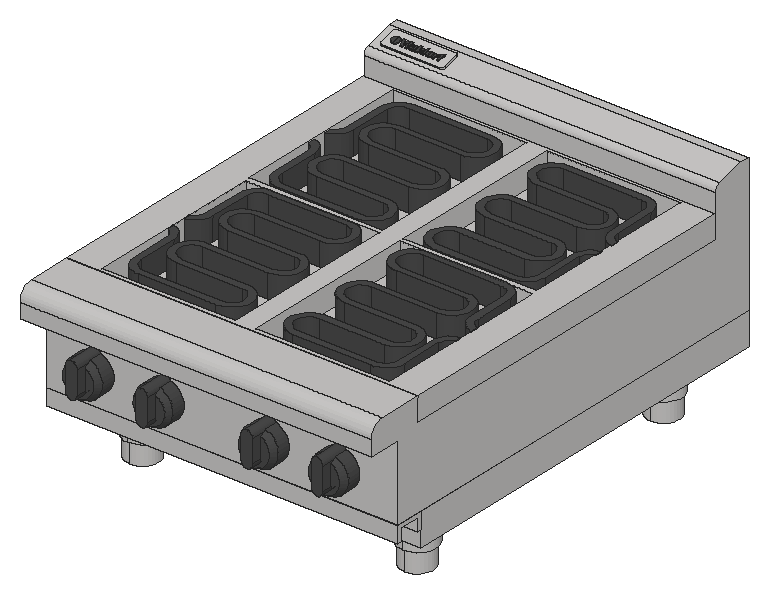
Revit family "QF_MOFFAT WALDORF_RNL8400E-B", category Specialty Equipment, Revit 2012
Parameters
  Weight in Pounds = 163.1419
  Watts = 9600 W
  Volts = 415 V
  URL Cutsheet = "www.moffat.com"
  URL = "www.moffat.com"
  Type Mark [instance] = ""
  Status [instance] = ""
  Specification by User [instance] = ""
  Specification by Manufacturer = ""
  Show Logo [instance] = yes
  Serial Number = ""
  Seismic Rating = ""
  SMACNA No = ""
  Revision Code [instance] = ""
  Phase = 2
  Omniclass Number and Title = ""
  Number of Poles = 1
  NAFEM Spec ID Number = ""
  Model = "RNL8400E-B"
  Min Ckt Ampacity = 0 A
  Max Overcurrent Protection = 0 A
  Masterspec = ""
  Manufacturer = "MOFFAT WALDORF"
  Item Number [instance] = ""
  Installed By [instance] = ""
  Identify Quantity as Lot [instance] = yes
  HP = ""
  Furnished By [instance] = ""
  Foodservice Equipment Identifier [instance] = yes
  FL Amps = 20 A
  Elec Conn RI Height = 0 mm
  Elec Conn Connection Height = 0 mm
  Description = "COOK TOP LOW SPLASHBACK ELECTRIC BENCH MOUNT"
  Cycle = 50 Hz
  Conn Plug = ""
  Conn Conduit = yes
  CSI MasterFormat = ""
  CSI Master Format = ""
  Base Height [instance] = 80 mm
  Apparent Power = if(Phase = 3, Volts * FL Amps * 1.73, Volts * FL Amps)  # 8300 VA
Reference planes
  plane 1 "BACK": y = 0
  plane 2: z = 0
  plane 3 "LEFT": x = 0
  plane 4 "RIGHT": x = 600
  plane 5 "FRONT": y = -805
  plane 6 "TOP": z = 370
  plane 7 "Center Y": x = 300
  plane 8 "Center X": y = -402.5
  plane 9 "Base Height": z = 80
  plane 10: x = 65.8
  plane 11: x = 470
  plane 12: z = 110
Forms (mm)
  Extrusion 1, solid, material "QF_Finishes_Stainless Steel"
    sketch origin (0, 0, 0) x (0, 1, 0) y (0, 0, 1)
      loop
        line (-805, 291) -> (-805, 266) -> (-749, 266) -> (-749, 135.938) -> (0, 135.938) -> (0, 370) -> (-16.5, 370) -> (-61.252, 358.009)
        arc (-61.252, 358.009) -> (-67.667, 353.723) -> (-70.146, 346.418) r 12
        line (-70.146, 346.418) -> (-70.146, 275) -> (-705, 275) -> (-705, 315) -> (-781, 315)
        arc (-781, 315) -> (-797.971, 307.971) -> (-805, 291) r 24
      loop
        line (0, 80) -> (0, 135) -> (-699, 135) -> (-699, 80) -> (0, 80)
      loop
        line (-749, 135) -> (-749, 107.813) -> (-742.6, 107.813) -> (-742.6, 128.6) -> (-706.4, 128.6) -> (-706.4, 107.813) -> (-700, 107.813) -> (-700, 135) -> (-749, 135)
    from 0 to 600
  Revolve 2, solid, material "QF_Finishes_Stainless Steel"
    sketch origin (535, -210, 0) x (0, 1, 0) y (0, 0, -1)
      loop
        line (78.25, -80) -> (110, -80) -> (110, 0) -> (82.5, 0) -> (82.5, -35) -> (78.25, -35) -> (78.25, -80)
      axis (110, -80) -> (110, 0)
    angle from 0 to 360
  Revolve 3, solid, material "QF_Finishes_Stainless Steel"
    sketch origin (65, -210, 0) x (0, 1, 0) y (0, 0, 1)
      loop
        line (78.25, 80) -> (78.25, 35) -> (82.5, 35) -> (82.5, 0) -> (110, 0) -> (110, 80) -> (78.25, 80)
      axis (110, 80) -> (110, 0)
    angle from 0 to 360
  Revolve 4, solid, material "QF_Finishes_Black"
    sketch origin (210, 0, 0) x (0, -1, 0) y (0, 0, 1)
      loop
        line (782, 229.605) -> (759, 229.605) -> (759, 202.105) -> (749, 202.105) -> (749, 197.105) -> (793, 197.105) -> (793, 223.757) -> (782, 229.605)
      axis (793, 197.105) -> (749, 197.105)
    angle from 0 to 360
  Extrusion 5, solid, material "QF_Finishes_Black"
    sketch origin (71.569, 0, -103.997) x (1, 0, 0) y (0, 0, 1)
      loop
        line (148.431, 289) -> (148.431, 327.997)
        arc (148.431, 327.997) -> (138.431, 337.997) -> (128.431, 327.997) r 10
        line (128.431, 327.997) -> (128.431, 289)
        arc (128.431, 289) -> (138.431, 279) -> (148.431, 289) r 10
    from 759 to 808
  Extrusion 6, void
    sketch origin (0, 0, 80) x (-1, 0, 0) y (0, 1, 0)
      loop
        circle (-470.688, -32) r 13.5
    from -30 to 1.6
  Revolve 7, solid, material "QF_Finishes_Black"
    sketch origin (89.999, 0, -0.127) x (0, 1, 0) y (0, 0, -1)
      loop
        line (-782, -229.5) -> (-759, -229.5) -> (-759, -202) -> (-749, -202) -> (-749, -197) -> (-793, -197) -> (-793, -223.651) -> (-782, -229.5)
      axis (-793, -197) -> (-749, -197)
    angle from 0 to 360
  Extrusion 8, solid, material "QF_Finishes_Black"
    sketch origin (228.269, 0, 0.031) x (-1, 0, 0) y (0, 0, -1)
      loop
        arc (148.269, -184.969) -> (138.269, -174.969) -> (128.269, -184.969) r 10
        line (128.269, -184.969) -> (128.269, -223.969)
        arc (128.269, -223.969) -> (138.269, -233.969) -> (148.269, -223.969) r 10
        line (148.269, -223.969) -> (148.269, -184.969)
    from 759 to 808
  Extrusion 9, solid, material "QF_Finishes_Stainless Steel"
    sketch origin (0, -70.146, 275) x (0, -1, 0) y (1, 0, 0)
      loop
        line (1, 0) -> (634.854, 0) -> (634.854, 600) -> (1, 600) -> (1, 0)
      loop
        line (628.104, 54) -> (628.104, 282.75) -> (321.154, 282.75) -> (321.154, 54) -> (628.104, 54)
      loop
        line (6.75, 54) -> (313.554, 54) -> (313.554, 282.75) -> (6.75, 282.75) -> (6.75, 54)
      loop
        line (6.75, 317.25) -> (313.554, 317.25) -> (313.554, 546) -> (6.75, 546) -> (6.75, 317.25)
      loop
        line (628.104, 317.25) -> (628.104, 546) -> (321.154, 546) -> (321.154, 317.25) -> (628.104, 317.25)
    from 0 to 40
  Extrusion 10, solid, material "QF_Finishes_Black"
    sketch origin (0, -70.146, 275) x (0, -1, 0) y (1, 0, 0)
      loop
        arc (20.503, 102.138) -> (29.265, 78.692) -> (52.032, 68.293) r 32.731
        line (52.032, 68.293) -> (123.291, 68.293)
        arc (123.291, 68.293) -> (134.915, 64.189) -> (141.853, 54) r 19.786
        line (141.853, 54) -> (154.156, 54)
        arc (154.156, 54) -> (143.507, 72.673) -> (123.41, 80.3) r 31.79
        line (123.41, 80.3) -> (52.272, 80.3)
        arc (52.272, 80.3) -> (37.925, 87.003) -> (32.5, 101.881) r 20.722
        line (32.5, 101.881) -> (32.5, 234.6)
        arc (32.5, 234.6) -> (54.2, 256.3) -> (75.9, 234.6) r 21.7
        line (75.9, 234.6) -> (75.9, 122)
        arc (75.9, 122) -> (109.6, 88.3) -> (143.3, 122) r 33.7
        line (143.3, 122) -> (143.3, 234.6)
        arc (143.3, 234.6) -> (165, 256.3) -> (186.7, 234.6) r 21.7
        line (186.7, 234.6) -> (186.7, 122)
        arc (186.7, 122) -> (220.4, 88.3) -> (254.1, 122) r 33.7
        line (254.1, 122) -> (254.1, 234.6)
        arc (254.1, 234.6) -> (275.8, 256.3) -> (297.5, 234.6) r 21.7
        line (297.5, 234.6) -> (297.5, 101.881)
        arc (297.5, 101.881) -> (292.075, 87.003) -> (277.728, 80.3) r 20.722
        line (277.728, 80.3) -> (206.584, 80.3)
        arc (206.584, 80.3) -> (186.467, 72.659) -> (175.749, 54) r 31.973
        line (175.749, 54) -> (188.064, 54)
        arc (188.064, 54) -> (195.064, 64.184) -> (206.716, 68.3) r 19.973
        line (206.716, 68.3) -> (277.967, 68.3)
        arc (277.967, 68.3) -> (300.725, 78.682) -> (309.5, 102.106) r 32.722
        line (309.5, 102.106) -> (309.5, 234.6)
        arc (309.5, 234.6) -> (275.8, 268.3) -> (242.1, 234.6) r 33.7
        line (242.1, 234.6) -> (242.1, 122)
        arc (242.1, 122) -> (220.4, 100.3) -> (198.7, 122) r 21.7
        line (198.7, 122) -> (198.7, 234.6)
        arc (198.7, 234.6) -> (165, 268.3) -> (131.3, 234.6) r 33.7
        line (131.3, 234.6) -> (131.3, 122)
        arc (131.3, 122) -> (109.6, 100.3) -> (87.9, 122) r 21.7
        line (87.9, 122) -> (87.9, 234.6)
        arc (87.9, 234.6) -> (54.202, 268.298) -> (20.503, 234.6) r 33.698
        line (20.503, 234.6) -> (20.503, 102.138)
      loop
        arc (320.503, 102.138) -> (329.265, 78.692) -> (352.032, 68.293) r 32.731
        line (352.032, 68.293) -> (423.291, 68.293)
        arc (423.291, 68.293) -> (434.915, 64.189) -> (441.853, 54) r 19.786
        line (441.853, 54) -> (454.156, 54)
        arc (454.156, 54) -> (443.507, 72.673) -> (423.41, 80.3) r 31.79
        line (423.41, 80.3) -> (352.272, 80.3)
        arc (352.272, 80.3) -> (337.925, 87.003) -> (332.5, 101.881) r 20.722
        line (332.5, 101.881) -> (332.5, 234.6)
        arc (332.5, 234.6) -> (354.2, 256.3) -> (375.9, 234.6) r 21.7
        line (375.9, 234.6) -> (375.9, 122)
        arc (375.9, 122) -> (409.6, 88.3) -> (443.3, 122) r 33.7
        line (443.3, 122) -> (443.3, 234.6)
        arc (443.3, 234.6) -> (465, 256.3) -> (486.7, 234.6) r 21.7
        line (486.7, 234.6) -> (486.7, 122)
        arc (486.7, 122) -> (520.4, 88.3) -> (554.1, 122) r 33.7
        line (554.1, 122) -> (554.1, 234.6)
        arc (554.1, 234.6) -> (575.8, 256.3) -> (597.5, 234.6) r 21.7
        line (597.5, 234.6) -> (597.5, 101.881)
        arc (597.5, 101.881) -> (592.075, 87.003) -> (577.728, 80.3) r 20.722
        line (577.728, 80.3) -> (506.584, 80.3)
        arc (506.584, 80.3) -> (486.467, 72.659) -> (475.749, 54) r 31.973
        line (475.749, 54) -> (488.064, 54)
        arc (488.064, 54) -> (495.064, 64.184) -> (506.716, 68.3) r 19.973
        line (506.716, 68.3) -> (577.967, 68.3)
        arc (577.967, 68.3) -> (600.725, 78.682) -> (609.5, 102.106) r 32.722
        line (609.5, 102.106) -> (609.5, 234.6)
        arc (609.5, 234.6) -> (575.8, 268.3) -> (542.1, 234.6) r 33.7
        line (542.1, 234.6) -> (542.1, 122)
        arc (542.1, 122) -> (520.4, 100.3) -> (498.7, 122) r 21.7
        line (498.7, 122) -> (498.7, 234.6)
        arc (498.7, 234.6) -> (465, 268.3) -> (431.3, 234.6) r 33.7
        line (431.3, 234.6) -> (431.3, 122)
        arc (431.3, 122) -> (409.6, 100.3) -> (387.9, 122) r 21.7
        line (387.9, 122) -> (387.9, 234.6)
        arc (387.9, 234.6) -> (354.202, 268.298) -> (320.503, 234.6) r 33.698
        line (320.503, 234.6) -> (320.503, 102.138)
      loop
        line (20.503, 497.862) -> (20.503, 365.4)
        arc (20.503, 365.4) -> (54.202, 331.702) -> (87.9, 365.4) r 33.698
        line (87.9, 365.4) -> (87.9, 478)
        arc (87.9, 478) -> (109.6, 499.7) -> (131.3, 478) r 21.7
        line (131.3, 478) -> (131.3, 365.4)
        arc (131.3, 365.4) -> (165, 331.7) -> (198.7, 365.4) r 33.7
        line (198.7, 365.4) -> (198.7, 478)
        arc (198.7, 478) -> (220.4, 499.7) -> (242.1, 478) r 21.7
        line (242.1, 478) -> (242.1, 365.4)
        arc (242.1, 365.4) -> (275.8, 331.7) -> (309.5, 365.4) r 33.7
        line (309.5, 365.4) -> (309.5, 497.894)
        arc (309.5, 497.894) -> (300.725, 521.318) -> (277.967, 531.7) r 32.722
        line (277.967, 531.7) -> (206.716, 531.7)
        arc (206.716, 531.7) -> (195.064, 535.816) -> (188.064, 546) r 19.973
        line (188.064, 546) -> (175.749, 546)
        arc (175.749, 546) -> (186.467, 527.341) -> (206.584, 519.7) r 31.973
        line (206.584, 519.7) -> (277.728, 519.7)
        arc (277.728, 519.7) -> (292.075, 512.997) -> (297.5, 498.119) r 20.722
        line (297.5, 498.119) -> (297.5, 365.4)
        arc (297.5, 365.4) -> (275.8, 343.7) -> (254.1, 365.4) r 21.7
        line (254.1, 365.4) -> (254.1, 478)
        arc (254.1, 478) -> (220.4, 511.7) -> (186.7, 478) r 33.7
        line (186.7, 478) -> (186.7, 365.4)
        arc (186.7, 365.4) -> (165, 343.7) -> (143.3, 365.4) r 21.7
        line (143.3, 365.4) -> (143.3, 478)
        arc (143.3, 478) -> (109.6, 511.7) -> (75.9, 478) r 33.7
        line (75.9, 478) -> (75.9, 365.4)
        arc (75.9, 365.4) -> (54.2, 343.7) -> (32.5, 365.4) r 21.7
        line (32.5, 365.4) -> (32.5, 498.119)
        arc (32.5, 498.119) -> (37.925, 512.997) -> (52.272, 519.7) r 20.722
        line (52.272, 519.7) -> (123.41, 519.7)
        arc (123.41, 519.7) -> (143.507, 527.327) -> (154.156, 546) r 31.79
        line (154.156, 546) -> (141.853, 546)
        arc (141.853, 546) -> (134.915, 535.811) -> (123.291, 531.707) r 19.786
        line (123.291, 531.707) -> (52.032, 531.707)
        arc (52.032, 531.707) -> (29.265, 521.308) -> (20.503, 497.862) r 32.731
      loop
        line (320.503, 497.862) -> (320.503, 365.4)
        arc (320.503, 365.4) -> (354.202, 331.702) -> (387.9, 365.4) r 33.698
        line (387.9, 365.4) -> (387.9, 478)
        arc (387.9, 478) -> (409.6, 499.7) -> (431.3, 478) r 21.7
        line (431.3, 478) -> (431.3, 365.4)
        arc (431.3, 365.4) -> (465, 331.7) -> (498.7, 365.4) r 33.7
        line (498.7, 365.4) -> (498.7, 478)
        arc (498.7, 478) -> (520.4, 499.7) -> (542.1, 478) r 21.7
        line (542.1, 478) -> (542.1, 365.4)
        arc (542.1, 365.4) -> (575.8, 331.7) -> (609.5, 365.4) r 33.7
        line (609.5, 365.4) -> (609.5, 497.894)
        arc (609.5, 497.894) -> (600.725, 521.318) -> (577.967, 531.7) r 32.722
        line (577.967, 531.7) -> (506.716, 531.7)
        arc (506.716, 531.7) -> (495.064, 535.816) -> (488.064, 546) r 19.973
        line (488.064, 546) -> (475.749, 546)
        arc (475.749, 546) -> (486.467, 527.341) -> (506.584, 519.7) r 31.973
        line (506.584, 519.7) -> (577.728, 519.7)
        arc (577.728, 519.7) -> (592.075, 512.997) -> (597.5, 498.119) r 20.722
        line (597.5, 498.119) -> (597.5, 365.4)
        arc (597.5, 365.4) -> (575.8, 343.7) -> (554.1, 365.4) r 21.7
        line (554.1, 365.4) -> (554.1, 478)
        arc (554.1, 478) -> (520.4, 511.7) -> (486.7, 478) r 33.7
        line (486.7, 478) -> (486.7, 365.4)
        arc (486.7, 365.4) -> (465, 343.7) -> (443.3, 365.4) r 21.7
        line (443.3, 365.4) -> (443.3, 478)
        arc (443.3, 478) -> (409.6, 511.7) -> (375.9, 478) r 33.7
        line (375.9, 478) -> (375.9, 365.4)
        arc (375.9, 365.4) -> (354.2, 343.7) -> (332.5, 365.4) r 21.7
        line (332.5, 365.4) -> (332.5, 498.119)
        arc (332.5, 498.119) -> (337.925, 512.997) -> (352.272, 519.7) r 20.722
        line (352.272, 519.7) -> (423.41, 519.7)
        arc (423.41, 519.7) -> (443.507, 527.327) -> (454.156, 546) r 31.79
        line (454.156, 546) -> (441.853, 546)
        arc (441.853, 546) -> (434.915, 535.811) -> (423.291, 531.707) r 19.786
        line (423.291, 531.707) -> (352.032, 531.707)
        arc (352.032, 531.707) -> (329.265, 521.308) -> (320.503, 497.862) r 32.731
    from 0 to 40
  Revolve 11, solid, material "QF_Finishes_Stainless Steel"
    sketch origin (535, -735, 0) x (0, 1, 0) y (0, 0, -1)
      loop
        line (78.25, -80) -> (110, -80) -> (110, 0) -> (82.5, 0) -> (82.5, -35) -> (78.25, -35) -> (78.25, -80)
      axis (110, -80) -> (110, 0)
    angle from 0 to 360
  Revolve 12, solid, material "QF_Finishes_Stainless Steel"
    sketch origin (65, -735, 0) x (0, 1, 0) y (0, 0, 1)
      loop
        line (78.25, 80) -> (78.25, 35) -> (82.5, 35) -> (82.5, 0) -> (110, 0) -> (110, 80) -> (78.25, 80)
      axis (110, 80) -> (110, 0)
    angle from 0 to 360
  Revolve 13, solid, material "QF_Finishes_Black"
    sketch origin (510, 0, 0) x (0, -1, 0) y (0, 0, 1)
      loop
        line (782, 229.605) -> (759, 229.605) -> (759, 202.105) -> (749, 202.105) -> (749, 197.105) -> (793, 197.105) -> (793, 223.757) -> (782, 229.605)
      axis (793, 197.105) -> (749, 197.105)
    angle from 0 to 360
  Extrusion 14, solid, material "QF_Finishes_Black"
    sketch origin (371.569, 0, -103.997) x (1, 0, 0) y (0, 0, 1)
      loop
        line (148.431, 289) -> (148.431, 327.997)
        arc (148.431, 327.997) -> (138.431, 337.997) -> (128.431, 327.997) r 10
        line (128.431, 327.997) -> (128.431, 289)
        arc (128.431, 289) -> (138.431, 279) -> (148.431, 289) r 10
    from 759 to 808
  Revolve 15, solid, material "QF_Finishes_Black"
    sketch origin (389.999, 0, -0.127) x (0, 1, 0) y (0, 0, -1)
      loop
        line (-782, -229.5) -> (-759, -229.5) -> (-759, -202) -> (-749, -202) -> (-749, -197) -> (-793, -197) -> (-793, -223.651) -> (-782, -229.5)
      axis (-793, -197) -> (-749, -197)
    angle from 0 to 360
  Extrusion 16, solid, material "QF_Finishes_Black"
    sketch origin (528.269, 0, 0.031) x (-1, 0, 0) y (0, 0, -1)
      loop
        arc (148.269, -184.969) -> (138.269, -174.969) -> (128.269, -184.969) r 10
        line (128.269, -184.969) -> (128.269, -223.969)
        arc (128.269, -223.969) -> (138.269, -233.969) -> (148.269, -223.969) r 10
        line (148.269, -223.969) -> (148.269, -184.969)
    from 759 to 808
Cuts and joins
  Extrusion 6 cuts Extrusion 1
Lines and regions (mm)
  Split face 1
    outline origin (22.5, -20.122, 369.029) x (0, -0.965926, -0.258819) y (1, 0, 0)
      loop
        line (1.427, 105.5) -> (35.836, 105.5) -> (35.836, 125.5) -> (1.427, 125.5) -> (1.427, 105.5)
  Split face 2
    outline origin (49.289, -20.122, 369.029) x (0, -0.965926, -0.258819) y (1, 0, 0)
      loop
        line (1.427, 105.5) -> (35.836, 105.5) -> (35.836, 125.5) -> (1.427, 125.5) -> (1.427, 105.5)
  Split face 3
    outline origin (76.967, -20.122, 369.029) x (0, -0.965926, -0.258819) y (1, 0, 0)
      loop
        line (1.427, 105.5) -> (35.836, 105.5) -> (35.836, 125.5) -> (1.427, 125.5) -> (1.427, 105.5)
  Split face 4
    outline origin (103.591, -20.122, 369.029) x (0, -0.965926, -0.258819) y (1, 0, 0)
      loop
        line (1.427, 105.5) -> (35.836, 105.5) -> (35.836, 125.5) -> (1.427, 125.5) -> (1.427, 105.5)
  Split face 5
    outline origin (130.215, -20.122, 369.029) x (0, -0.965926, -0.258819) y (1, 0, 0)
      loop
        line (1.427, 105.5) -> (35.836, 105.5) -> (35.836, 125.5) -> (1.427, 125.5) -> (1.427, 105.5)
  Split face 6
    outline origin (157.366, -20.122, 369.029) x (0, -0.965926, -0.258819) y (1, 0, 0)
      loop
        line (1.427, 105.5) -> (35.836, 105.5) -> (35.836, 125.5) -> (1.427, 125.5) -> (1.427, 105.5)
  Split face 7
    outline origin (184.781, -20.122, 369.029) x (0, -0.965926, -0.258819) y (1, 0, 0)
      loop
        line (1.427, 105.5) -> (35.836, 105.5) -> (35.836, 125.5) -> (1.427, 125.5) -> (1.427, 105.5)
  Split face 8
    outline origin (211.405, -20.122, 369.029) x (0, -0.965926, -0.258819) y (1, 0, 0)
      loop
        line (1.427, 105.5) -> (35.836, 105.5) -> (35.836, 125.5) -> (1.427, 125.5) -> (1.427, 105.5)
  Split face 9
    outline origin (238.292, -20.122, 369.029) x (0, -0.965926, -0.258819) y (1, 0, 0)
      loop
        line (1.427, 105.5) -> (35.836, 105.5) -> (35.836, 125.5) -> (1.427, 125.5) -> (1.427, 105.5)
  Split face 10
    outline origin (265.971, -20.122, 369.029) x (0, -0.965926, -0.258819) y (1, 0, 0)
      loop
        line (1.427, 105.5) -> (35.836, 105.5) -> (35.836, 125.5) -> (1.427, 125.5) -> (1.427, 105.5)
  Split face 11
    outline origin (292.533, -20.122, 369.029) x (0, -0.965926, -0.258819) y (1, 0, 0)
      loop
        line (1.427, 105.5) -> (35.836, 105.5) -> (35.836, 125.5) -> (1.427, 125.5) -> (1.427, 105.5)
  Split face 12
    outline origin (319.444, -20.122, 369.029) x (0, -0.965926, -0.258819) y (1, 0, 0)
      loop
        line (1.427, 105.5) -> (35.836, 105.5) -> (35.836, 125.5) -> (1.427, 125.5) -> (1.427, 105.5)
  Split face 13
    outline origin (346.271, -20.122, 369.029) x (0, -0.965926, -0.258819) y (1, 0, 0)
      loop
        line (1.427, 105.5) -> (35.836, 105.5) -> (35.836, 125.5) -> (1.427, 125.5) -> (1.427, 105.5)
  symbolic lines
    curve 1: line (0, 0, 0) -> (0, -805, 0)
    curve 2: line (600, 0, 0) -> (0, 0, 0)
    curve 3: line (600, -805, 0) -> (600, 0, 0)
    curve 4: line (0, -70, 0) -> (600, -70, 0)
    curve 5: line (0, -805, 0) -> (600, -805, 0)
    curve 10: line (600, -705, 0) -> (0, -705, 0)
    curve 11: line (128, -50.782, 0) -> (128, -20.984, 0)
    curve 12: line (128, -20.984, 0) -> (148, -20.984, 0)
    curve 13: line (148, -20.984, 0) -> (148, -50.782, 0)
    curve 14: line (148, -50.782, 0) -> (128, -50.782, 0)
    curve 15: line (154.789, -50.782, 0) -> (154.789, -20.984, 0)
    curve 16: line (154.789, -20.984, 0) -> (174.789, -20.984, 0)
    curve 17: line (174.789, -20.984, 0) -> (174.789, -50.782, 0)
    curve 18: line (174.789, -50.782, 0) -> (154.789, -50.782, 0)
    curve 19: line (182.467, -20.984, 0) -> (202.467, -20.984, 0)
    curve 20: line (202.467, -20.984, 0) -> (202.467, -50.782, 0)
    curve 21: line (202.467, -50.782, 0) -> (182.467, -50.782, 0)
    curve 22: line (182.467, -50.782, 0) -> (182.467, -20.984, 0)
    curve 23: line (229.091, -20.984, 0) -> (209.091, -20.984, 0)
    curve 24: line (209.091, -20.984, 0) -> (209.091, -50.782, 0)
    curve 25: line (209.091, -50.782, 0) -> (229.091, -50.782, 0)
    curve 26: line (229.091, -50.782, 0) -> (229.091, -20.984, 0)
    curve 27: line (255.715, -20.984, 0) -> (235.715, -20.984, 0)
    curve 28: line (235.715, -20.984, 0) -> (235.715, -50.782, 0)
    curve 29: line (235.715, -50.782, 0) -> (255.715, -50.782, 0)
    curve 30: line (255.715, -50.782, 0) -> (255.715, -20.984, 0)
    curve 31: line (282.866, -20.984, 0) -> (262.866, -20.984, 0)
    curve 32: line (262.866, -20.984, 0) -> (262.866, -50.782, 0)
    curve 33: line (262.866, -50.782, 0) -> (282.866, -50.782, 0)
    curve 34: line (282.866, -50.782, 0) -> (282.866, -20.984, 0)
    curve 35: line (310.281, -20.984, 0) -> (290.281, -20.984, 0)
    curve 36: line (290.281, -20.984, 0) -> (290.281, -50.782, 0)
    curve 37: line (290.281, -50.782, 0) -> (310.281, -50.782, 0)
    curve 38: line (310.281, -50.782, 0) -> (310.281, -20.984, 0)
    curve 39: line (316.905, -20.984, 0) -> (336.905, -20.984, 0)
    curve 40: line (336.905, -20.984, 0) -> (336.905, -50.782, 0)
    curve 41: line (336.905, -50.782, 0) -> (316.905, -50.782, 0)
    curve 42: line (316.905, -50.782, 0) -> (316.905, -20.984, 0)
    curve 43: line (363.792, -20.984, 0) -> (343.792, -20.984, 0)
    curve 44: line (343.792, -20.984, 0) -> (343.792, -50.782, 0)
    curve 45: line (343.792, -50.782, 0) -> (363.792, -50.782, 0)
    curve 46: line (363.792, -50.782, 0) -> (363.792, -20.984, 0)
    curve 47: line (371.471, -50.782, 0) -> (391.471, -50.782, 0)
    curve 48: line (391.471, -50.782, 0) -> (391.471, -20.984, 0)
    curve 49: line (391.471, -20.984, 0) -> (371.471, -20.984, 0)
    curve 50: line (371.471, -20.984, 0) -> (371.471, -50.782, 0)
    curve 51: line (398.033, -50.782, 0) -> (418.033, -50.782, 0)
    curve 52: line (418.033, -50.782, 0) -> (418.033, -20.984, 0)
    curve 53: line (418.033, -20.984, 0) -> (398.033, -20.984, 0)
    curve 54: line (398.033, -20.984, 0) -> (398.033, -50.782, 0)
    curve 55: line (444.944, -50.782, 0) -> (424.944, -50.782, 0)
    curve 56: line (424.944, -50.782, 0) -> (424.944, -20.984, 0)
    curve 57: line (424.944, -20.984, 0) -> (444.944, -20.984, 0)
    curve 58: line (444.944, -20.984, 0) -> (444.944, -50.782, 0)
    curve 59: line (451.771, -50.782, 0) -> (471.771, -50.782, 0)
    curve 60: line (471.771, -50.782, 0) -> (471.771, -20.984, 0)
    curve 61: line (471.771, -20.984, 0) -> (451.771, -20.984, 0)
    curve 62: line (451.771, -20.984, 0) -> (451.771, -50.782, 0)
    curve 63: line (54, -705, 0) -> (54, -76.75, 0)
    curve 64: line (546, -76.75, 0) -> (546, -705, 0)
    curve 65: line (282.75, -70, 0) -> (282.75, -705, 0)
    curve 66: line (317.25, -705, 0) -> (317.25, -70, 0)
    curve 67: line (54, -387.5, 0) -> (546, -387.5, 0)
    curve 68: arc (102.029, -96.503, 0) -> (82.856, -103.586, 0) -> (74.293, -122.146, 0) r 26.731
    curve 69: line (234.6, -96.503, 0) -> (102.029, -96.503, 0)
    curve 70: line (74.293, -122.146, 0) -> (74.293, -193.354, 0)
    curve 71: arc (74.293, -193.354, 0) -> (68.431, -209.219, 0) -> (54, -218.038, 0) r 25.786
    curve 72: arc (234.6, -151.9, 0) -> (262.298, -124.202, 0) -> (234.6, -96.503, 0) r 27.698
    curve 73: line (122, -151.9, 0) -> (234.6, -151.9, 0)
    curve 74: arc (122, -207.3, 0) -> (94.3, -179.6, 0) -> (122, -151.9, 0) r 27.7
    curve 75: line (234.6, -207.3, 0) -> (122, -207.3, 0)
    curve 76: arc (234.6, -262.7, 0) -> (262.3, -235, 0) -> (234.6, -207.3, 0) r 27.7
    curve 77: line (122, -262.7, 0) -> (234.6, -262.7, 0)
    curve 78: arc (122, -318.1, 0) -> (94.3, -290.4, 0) -> (122, -262.7, 0) r 27.7
    curve 79: line (234.6, -318.1, 0) -> (122, -318.1, 0)
    curve 80: arc (234.6, -373.5, 0) -> (262.3, -345.8, 0) -> (234.6, -318.1, 0) r 27.7
    curve 81: line (102, -373.5, 0) -> (234.6, -373.5, 0)
    curve 82: arc (74.3, -347.854, 0) -> (82.847, -366.405, 0) -> (102, -373.5, 0) r 26.722
    curve 83: line (74.3, -276.646, 0) -> (74.3, -347.854, 0)
    curve 84: arc (54, -251.869, 0) -> (68.424, -260.755, 0) -> (74.3, -276.646, 0) r 25.973
    curve 85: arc (102.029, -396.503, 0) -> (82.856, -403.586, 0) -> (74.293, -422.146, 0) r 26.731
    curve 86: line (234.6, -396.503, 0) -> (102.029, -396.503, 0)
    curve 87: line (74.293, -422.146, 0) -> (74.293, -493.354, 0)
    curve 88: arc (74.293, -493.354, 0) -> (68.431, -509.219, 0) -> (54, -518.038, 0) r 25.786
    curve 89: arc (234.6, -451.9, 0) -> (262.298, -424.202, 0) -> (234.6, -396.503, 0) r 27.698
    curve 90: line (122, -451.9, 0) -> (234.6, -451.9, 0)
    curve 91: arc (122, -507.3, 0) -> (94.3, -479.6, 0) -> (122, -451.9, 0) r 27.7
    curve 92: line (234.6, -507.3, 0) -> (122, -507.3, 0)
    curve 93: arc (234.6, -562.7, 0) -> (262.3, -535, 0) -> (234.6, -507.3, 0) r 27.7
    curve 94: line (122, -562.7, 0) -> (234.6, -562.7, 0)
    curve 95: arc (122, -618.1, 0) -> (94.3, -590.4, 0) -> (122, -562.7, 0) r 27.7
    curve 96: line (234.6, -618.1, 0) -> (122, -618.1, 0)
    curve 97: arc (234.6, -673.5, 0) -> (262.3, -645.8, 0) -> (234.6, -618.1, 0) r 27.7
    curve 98: line (102, -673.5, 0) -> (234.6, -673.5, 0)
    curve 99: arc (74.3, -647.854, 0) -> (82.847, -666.405, 0) -> (102, -673.5, 0) r 26.722
    curve 100: line (74.3, -576.646, 0) -> (74.3, -647.854, 0)
    curve 101: arc (54, -551.869, 0) -> (68.424, -560.755, 0) -> (74.3, -576.646, 0) r 25.973
    curve 102: arc (497.971, -96.503, 0) -> (517.144, -103.586, 0) -> (525.707, -122.146, 0) r 26.731
    curve 103: line (365.4, -96.503, 0) -> (497.971, -96.503, 0)
    curve 104: line (525.707, -122.146, 0) -> (525.707, -193.354, 0)
    curve 105: arc (525.707, -193.354, 0) -> (531.569, -209.219, 0) -> (546, -218.038, 0) r 25.786
    curve 106: arc (365.4, -151.9, 0) -> (337.702, -124.202, 0) -> (365.4, -96.503, 0) r 27.698
    curve 107: line (478, -151.9, 0) -> (365.4, -151.9, 0)
    curve 108: arc (478, -207.3, 0) -> (505.7, -179.6, 0) -> (478, -151.9, 0) r 27.7
    curve 109: line (365.4, -207.3, 0) -> (478, -207.3, 0)
    curve 110: arc (365.4, -262.7, 0) -> (337.7, -235, 0) -> (365.4, -207.3, 0) r 27.7
    curve 111: line (478, -262.7, 0) -> (365.4, -262.7, 0)
    curve 112: arc (478, -318.1, 0) -> (505.7, -290.4, 0) -> (478, -262.7, 0) r 27.7
    curve 113: line (365.4, -318.1, 0) -> (478, -318.1, 0)
    curve 114: arc (365.4, -373.5, 0) -> (337.7, -345.8, 0) -> (365.4, -318.1, 0) r 27.7
    curve 115: line (498, -373.5, 0) -> (365.4, -373.5, 0)
    curve 116: arc (525.7, -347.854, 0) -> (517.153, -366.405, 0) -> (498, -373.5, 0) r 26.722
    curve 117: line (525.7, -276.646, 0) -> (525.7, -347.854, 0)
    curve 118: arc (546, -251.869, 0) -> (531.576, -260.755, 0) -> (525.7, -276.646, 0) r 25.973
    curve 119: arc (497.971, -396.503, 0) -> (517.144, -403.586, 0) -> (525.707, -422.146, 0) r 26.731
    curve 120: line (365.4, -396.503, 0) -> (497.971, -396.503, 0)
    curve 121: line (525.707, -422.146, 0) -> (525.707, -493.354, 0)
    curve 122: arc (525.707, -493.354, 0) -> (531.569, -509.219, 0) -> (546, -518.038, 0) r 25.786
    curve 123: arc (365.4, -451.9, 0) -> (337.702, -424.202, 0) -> (365.4, -396.503, 0) r 27.698
    curve 124: line (478, -451.9, 0) -> (365.4, -451.9, 0)
    curve 125: arc (478, -507.3, 0) -> (505.7, -479.6, 0) -> (478, -451.9, 0) r 27.7
    curve 126: line (365.4, -507.3, 0) -> (478, -507.3, 0)
    curve 127: arc (365.4, -562.7, 0) -> (337.7, -535, 0) -> (365.4, -507.3, 0) r 27.7
    curve 128: line (478, -562.7, 0) -> (365.4, -562.7, 0)
    curve 129: arc (478, -618.1, 0) -> (505.7, -590.4, 0) -> (478, -562.7, 0) r 27.7
    curve 130: line (365.4, -618.1, 0) -> (478, -618.1, 0)
    curve 131: arc (365.4, -673.5, 0) -> (337.7, -645.8, 0) -> (365.4, -618.1, 0) r 27.7
    curve 132: line (498, -673.5, 0) -> (365.4, -673.5, 0)
    curve 133: arc (525.7, -647.854, 0) -> (517.153, -666.405, 0) -> (498, -673.5, 0) r 26.722
    curve 134: line (525.7, -576.646, 0) -> (525.7, -647.854, 0)
    curve 135: arc (546, -551.869, 0) -> (531.576, -560.755, 0) -> (525.7, -576.646, 0) r 25.973
  symbolic lines, visible <- "Show Logo"
    curve 6: line (12.5, -51.234, 0) -> (12.5, -20.958, 0)
    curve 7: line (12.5, -20.958, 0) -> (121.5, -20.958, 0)
    curve 8: line (12.5, -51.234, 0) -> (121.5, -51.234, 0)
    curve 9: line (121.5, -20.958, 0) -> (121.5, -51.234, 0)
Dimensions and locks
  equal spacing: plane 3 "LEFT", plane 7 "Center Y", plane 4 "RIGHT"
  plane 3 "LEFT" to plane 4 "RIGHT" = 600 mm
  equal spacing: plane 5 "FRONT", plane 8 "Center X", plane 1 "BACK"
  plane 5 "FRONT" to plane 1 "BACK" = 805 mm  (x2)
  equal spacing: plane 4 "RIGHT", plane 7 "Center Y", plane 3 "LEFT"
  plane 4 "RIGHT" to plane 3 "LEFT" = 600 mm
  "Base Height": plane 9 "Base Height" to level
  locked: plane 6 "TOP" to plane 9 "Base Height" at 290
  plane 12 to level = 110 mm
  aligned and locked: level to plane 2
  aligned and locked: curve 3 to plane 4 "RIGHT"
  aligned and locked: Revolve 2 to Extrusion 1
  aligned and locked: Extrusion 1 to Revolve 3
  aligned and locked: plane 9 "Base Height" to Revolve 11
Automatic sketch dimensions
  plane 1 "BACK" to curve 1 = 0 mm
  curve 1 to plane 3 "LEFT" = 0 mm
  plane 5 "FRONT" to curve 5 = 0 mm
  plane 3 "LEFT" to curve 6 = 12.5 mm
  curve 83 to curve 82 = 26.701 mm
  curve 99 to curve 99 = 26.701 mm
  curve 85 to curve 85 = 26.709 mm
  curve 68 to curve 68 = 26.709 mm
  curve 99 to curve 98 = 0.999 mm
  curve 82 to curve 82 = 0.999 mm
  curve 68 to curve 69 = 1.027 mm
  plane 8 "Center X" to curve 86 = 5.997 mm
  curve 81 to curve 86 = 0.029 mm
  plane 1 "BACK" to curve 7 = 20.958 mm
  curve 82 to curve 78 = 20.999 mm
  curve 88 to curve 91 = 47.707 mm
  curve 68 to curve 74 = 20.998 mm
  curve 101 to curve 94 = 47.7 mm
  curve 7 to curve 12 = 6.5 mm
  curve 11 to curve 12 = 20 mm
  curve 12 to curve 15 = 6.789 mm
  curve 15 to curve 17 = 20 mm
  curve 17 to curve 21 = 7.678 mm
  curve 19 to curve 20 = 20 mm
  curve 20 to curve 24 = 6.624 mm
  curve 23 to curve 26 = 20 mm
  curve 89 to plane 7 "Center Y" = 65.4 mm
  curve 76 to plane 7 "Center Y" = 65.4 mm
  curve 92 to curve 89 = 0 mm
  curve 96 to curve 93 = 0 mm
  curve 81 to curve 86 = 0 mm
  curve 73 to curve 76 = 0 mm
  curve 23 to curve 28 = 6.624 mm
  curve 28 to curve 29 = 20 mm
  curve 27 to curve 32 = 7.151 mm
  curve 65 to plane 7 "Center Y" = 17.25 mm
  curve 31 to plane 7 "Center Y" = 17.134 mm
  curve 31 to curve 36 = 7.415 mm
  plane 7 "Center Y" to curve 38 = 10.281 mm
  curve 37 to curve 41 = 6.624 mm
  plane 7 "Center Y" to curve 66 = 17.25 mm
  curve 39 to curve 39 = 20 mm
  curve 39 to curve 44 = 6.888 mm
  curve 44 to curve 45 = 20 mm
  curve 45 to curve 106 = 1.608 mm
  plane 7 "Center Y" to curve 130 = 65.4 mm
  plane 7 "Center Y" to curve 126 = 65.4 mm
  plane 8 "Center X" to curve 114 = 29 mm
  plane 7 "Center Y" to curve 114 = 65.4 mm
  curve 123 to plane 8 "Center X" = 21.702 mm
  curve 123 to curve 115 = 0 mm
  curve 109 to curve 106 = 0 mm
  curve 45 to curve 47 = 7.678 mm
  curve 47 to curve 48 = 20 mm
  curve 48 to curve 54 = 6.562 mm
  curve 53 to curve 52 = 20 mm
  curve 51 to curve 56 = 6.911 mm
  curve 55 to curve 55 = 20 mm
  curve 55 to curve 59 = 6.827 mm
  curve 61 to curve 60 = 20 mm
  plane 8 "Center X" to curve 120 = 5.997 mm
  curve 119 to curve 116 = 0.029 mm
  curve 119 to plane 8 "Center X" = 20.714 mm
  curve 119 to curve 119 = 1.027 mm
  curve 102 to curve 102 = 1.027 mm
  curve 116 to curve 116 = 0.999 mm
  curve 133 to curve 133 = 0.999 mm
  curve 64 to plane 5 "FRONT" = 100 mm
  curve 63 to curve 98 = 31.5 mm
  curve 66 to curve 132 = 31.5 mm
  curve 98 to curve 99 = 25.646 mm
  curve 133 to curve 133 = 25.646 mm
  curve 97 to curve 97 = 27.7 mm
  curve 131 to curve 131 = 27.7 mm
  curve 129 to curve 129 = 27.7 mm
  curve 95 to curve 95 = 27.7 mm
  curve 129 to curve 135 = 13.184 mm
  curve 95 to curve 101 = 13.184 mm
  curve 135 to curve 135 = 0.57 mm
  curve 101 to curve 101 = 0.57 mm
  curve 94 to curve 93 = 27.7 mm
  curve 128 to curve 127 = 27.7 mm
  curve 135 to curve 122 = 33.83 mm
  curve 101 to curve 88 = 33.83 mm
  curve 122 to curve 121 = 24.684 mm
  curve 88 to curve 87 = 24.684 mm
  curve 92 to curve 91 = 27.7 mm
  curve 85 to curve 85 = 26.711 mm
  plane 8 "Center X" to curve 67 = 15 mm
  curve 86 to curve 80 = 23.003 mm
  curve 116 to curve 117 = 25.646 mm
  curve 82 to curve 82 = 25.646 mm
  curve 80 to curve 80 = 27.7 mm
  curve 114 to curve 114 = 27.7 mm
  curve 112 to curve 112 = 27.7 mm
  curve 78 to curve 78 = 27.7 mm
  curve 112 to curve 118 = 13.184 mm
  curve 78 to curve 84 = 13.184 mm
  curve 84 to curve 84 = 0.57 mm
  curve 118 to curve 118 = 0.57 mm
  curve 110 to curve 110 = 27.7 mm
  curve 76 to curve 76 = 27.7 mm
  curve 84 to curve 71 = 33.83 mm
  curve 118 to curve 105 = 33.83 mm
  curve 71 to curve 71 = 24.684 mm
  curve 105 to curve 105 = 24.684 mm
  curve 108 to curve 108 = 27.7 mm
  curve 74 to curve 74 = 27.7 mm
  curve 107 to curve 106 = 27.698 mm
  curve 73 to curve 72 = 27.698 mm
  curve 102 to curve 102 = 26.711 mm
  curve 68 to curve 68 = 26.711 mm
  curve 68 to curve 63 = 45.396 mm
  curve 102 to curve 64 = 45.396 mm
  curve 106 to curve 66 = 26.503 mm
  curve 4 to curve 8 = 18.766 mm
  plane 1 "BACK" to curve 51 = 50.782 mm
  curve 50 to curve 51 = 0 mm
  plane 1 "BACK" to curve 60 = 50.782 mm
  curve 58 to curve 59 = 0 mm
  curve 8 to curve 11 = 0.452 mm
  curve 46 to curve 47 = 0 mm
  curve 13 to curve 15 = 0 mm  (x2)
  curve 66 to curve 42 = 19.218 mm
  curve 17 to curve 20 = 0 mm
  curve 20 to curve 24 = 0 mm
  curve 25 to curve 28 = 0 mm
  curve 38 to curve 41 = 0 mm
  curve 29 to curve 32 = 0 mm
  plane 1 "BACK" to curve 34 = 20.984 mm
  plane 1 "BACK" to curve 35 = 20.984 mm
  curve 30 to curve 31 = 0 mm
  plane 1 "BACK" to curve 57 = 20.984 mm
  curve 26 to curve 27 = 0 mm
  plane 1 "BACK" to curve 54 = 20.984 mm
  curve 57 to curve 62 = 0 mm
  plane 1 "BACK" to curve 22 = 20.984 mm
  curve 35 to curve 39 = 0 mm
  curve 17 to curve 19 = 0 mm
  plane 1 "BACK" to curve 43 = 20.984 mm
  curve 48 to curve 53 = 0 mm
  plane 3 "LEFT" to curve 101 = 48.333 mm
  plane 3 "LEFT" to curve 84 = 48.333 mm
  plane 3 "LEFT" to curve 71 = 48.512 mm
  plane 3 "LEFT" to curve 88 = 48.512 mm
  plane 3 "LEFT" to curve 67 = 54 mm
  curve 88 to curve 87 = 25.781 mm
  curve 63 to curve 68 = 20.293 mm
  curve 63 to curve 100 = 20.3 mm
  curve 84 to curve 83 = 25.967 mm
  curve 69 to curve 7 = 19.471 mm
  curve 123 to curve 125 = 112.6 mm
  curve 110 to curve 111 = 112.6 mm
  curve 108 to curve 112 = 0 mm
  curve 129 to curve 125 = 0 mm
  curve 124 to curve 120 = 19.971 mm
  curve 59 to curve 103 = 26.2 mm
  curve 130 to curve 132 = 20 mm
  curve 112 to curve 118 = 47.7 mm
  curve 133 to curve 133 = 26.701 mm
  curve 102 to curve 104 = 26.709 mm
  curve 125 to curve 122 = 47.707 mm
  curve 117 to curve 118 = 20.3 mm
  curve 105 to curve 105 = 25.781 mm
  curve 122 to curve 122 = 25.781 mm
  curve 117 to curve 118 = 25.967 mm
  curve 135 to curve 135 = 5.667 mm
  Revolve 4 sketch curve to plane 5 "FRONT" = 56 mm
  Revolve 4 sketch curve to Revolve 4 sketch curve = 10 mm
  Revolve 4 sketch curve to Revolve 4 sketch curve = 21.3 mm
  Revolve 4 sketch curve to plane 5 "FRONT" = 23 mm
  Revolve 4 sketch curve to plane 5 "FRONT" = 12 mm
  Revolve 4 sketch curve to Revolve 4 sketch curve = 0 mm  (x2)
  plane 9 "Base Height" to Revolve 4 sketch curve = 117.105 mm
  Revolve 4 sketch curve to Revolve 4 sketch curve = 5 mm
  Revolve 4 sketch curve to Revolve 4 sketch curve = 26.651 mm
  Revolve 4 sketch curve to Revolve 4 sketch curve = 5.849 mm
  Extrusion 5 sketch curve to plane 7 "Center Y" = 100 mm
  Extrusion 5 sketch curve to Extrusion 5 sketch curve = 10 mm
  plane 9 "Base Height" to Extrusion 5 sketch curve = 105.003 mm
  Extrusion 5 sketch curve to Extrusion 5 sketch curve = 38.997 mm
  Revolve 7 sketch curve to plane 5 "FRONT" = 12 mm
  Revolve 7 sketch curve to Revolve 7 sketch curve = 0 mm  (x2)
  Revolve 7 sketch curve to Revolve 7 sketch curve = 11 mm
  Revolve 7 sketch curve to Revolve 7 sketch curve = 12.7 mm
  Revolve 7 sketch curve to Revolve 7 sketch curve = 23 mm
  Revolve 7 sketch curve to Revolve 7 sketch curve = 10 mm
  plane 9 "Base Height" to Revolve 7 sketch curve = 149.373 mm
  Revolve 7 sketch curve to Revolve 7 sketch curve = 5.849 mm
  Revolve 7 sketch curve to Revolve 7 sketch curve = 27.5 mm
  Revolve 7 sketch curve to Revolve 7 sketch curve = 5 mm
  plane 3 "LEFT" to Extrusion 8 sketch curve = 100 mm
  Extrusion 8 sketch curve to Extrusion 8 sketch curve = 10 mm
  plane 9 "Base Height" to Extrusion 8 sketch curve = 144 mm
  Extrusion 8 sketch curve to Extrusion 8 sketch curve = 39 mm
  Extrusion 9 sketch curve to Extrusion 1 = 0 mm  (x3)
  Extrusion 9 sketch curve to Extrusion 1 = 6.75 mm  (x2)
  Extrusion 1 to Extrusion 9 sketch curve = 54 mm  (x2)
  Extrusion 9 sketch curve to Extrusion 9 sketch curve = 306.95 mm
  Extrusion 9 sketch curve to Extrusion 9 sketch curve = 0 mm  (x4)
  Extrusion 9 sketch curve to Extrusion 9 sketch curve = 7.6 mm  (x2)
  Extrusion 1 to Extrusion 9 sketch curve = 6.75 mm  (x2)
  Extrusion 1 to Extrusion 9 sketch curve = 1 mm
  Extrusion 9 sketch curve to Extrusion 9 sketch curve = 228.75 mm  (x2)
  Extrusion 9 sketch curve to Extrusion 9 sketch curve = 34.5 mm
  Extrusion 10 sketch curve to Extrusion 10 sketch curve = 0 mm  (x69)
  Extrusion 1 to Extrusion 10 sketch curve = 20.503 mm  (x2)
  Extrusion 10 sketch curve to Extrusion 10 sketch curve = 11.997 mm  (x4)
  Extrusion 10 sketch curve to Extrusion 10 sketch curve = 19.532 mm  (x4)
  Extrusion 10 sketch curve to Extrusion 10 sketch curve = 0.24 mm  (x4)
  Extrusion 10 sketch curve to Extrusion 10 sketch curve = 0.931 mm  (x6)
  Extrusion 10 sketch curve to Extrusion 10 sketch curve = 0.01 mm  (x4)
  Extrusion 10 sketch curve to Extrusion 10 sketch curve = 21.7 mm  (x20)
  Extrusion 10 sketch curve to Extrusion 10 sketch curve = 0.002 mm  (x4)
  Extrusion 10 sketch curve to Extrusion 10 sketch curve = 70.811 mm  (x4)
  Extrusion 10 sketch curve to Extrusion 10 sketch curve = 0.447 mm  (x4)
  Extrusion 10 sketch curve to Extrusion 10 sketch curve = 0.12 mm  (x4)
  Extrusion 10 sketch curve to Extrusion 10 sketch curve = 19.01 mm  (x4)
  Extrusion 10 sketch curve to Extrusion 10 sketch curve = 12.303 mm  (x4)
  Extrusion 10 sketch curve to Extrusion 10 sketch curve = 21.593 mm  (x4)
  Extrusion 10 sketch curve to Extrusion 10 sketch curve = 12.315 mm  (x4)
  Extrusion 10 sketch curve to Extrusion 10 sketch curve = 18.52 mm  (x4)
  Extrusion 10 sketch curve to Extrusion 10 sketch curve = 0.133 mm  (x4)
  Extrusion 10 sketch curve to Extrusion 10 sketch curve = 0.5 mm
  Extrusion 10 sketch curve to Extrusion 10 sketch curve = 19.152 mm  (x3)
  Extrusion 10 sketch curve to Extrusion 10 sketch curve = 20.704 mm  (x6)
  Extrusion 10 sketch curve to Extrusion 10 sketch curve = 0.239 mm  (x4)
  Extrusion 10 sketch curve to Extrusion 10 sketch curve = 11.003 mm  (x2)
  Extrusion 1 to Extrusion 10 sketch curve = 48.333 mm  (x2)
  Extrusion 1 to Extrusion 10 sketch curve = 48.512 mm  (x2)
  Extrusion 10 sketch curve to Extrusion 10 sketch curve = 0.004 mm  (x2)
  Extrusion 10 sketch curve to Extrusion 10 sketch curve = 5.484 mm  (x2)
  Extrusion 10 sketch curve to Extrusion 10 sketch curve = 5.667 mm  (x2)
  Extrusion 10 sketch curve to Extrusion 10 sketch curve = 20.701 mm  (x4)
  Extrusion 10 sketch curve to Extrusion 10 sketch curve = 0.001 mm  (x4)
  Extrusion 10 sketch curve to Extrusion 10 sketch curve = 41.7 mm  (x2)
  Extrusion 10 sketch curve to Extrusion 10 sketch curve = 20.999 mm
  Extrusion 10 sketch curve to Extrusion 10 sketch curve = 112.6 mm  (x3)
  Extrusion 10 sketch curve to Extrusion 10 sketch curve = 130.8 mm  (x2)
  Extrusion 10 sketch curve to Extrusion 10 sketch curve = 19.862 mm  (x2)
  Extrusion 10 sketch curve to Extrusion 10 sketch curve = 0.032 mm
  Extrusion 10 sketch curve to Extrusion 10 sketch curve = 19.894 mm
  Extrusion 10 sketch curve to Extrusion 10 sketch curve = 0.226 mm  (x2)
  Extrusion 10 sketch curve to Extrusion 10 sketch curve = 0.258 mm  (x2)
  Extrusion 10 sketch curve to Extrusion 10 sketch curve = 0.879 mm  (x4)
  Extrusion 10 sketch curve to Extrusion 10 sketch curve = 14.293 mm
  Extrusion 1 to Split face 1 sketch curve = 5.177 mm
  Split face 1 sketch curve to Extrusion 1 = 128 mm
  Split face 1 sketch curve to Split face 1 sketch curve = 20 mm
  Extrusion 1 to Split face 2 sketch curve = 5.177 mm
  Split face 2 sketch curve to Extrusion 1 = 154.789 mm
  Split face 2 sketch curve to Split face 2 sketch curve = 20 mm
  Extrusion 1 to Split face 3 sketch curve = 5.177 mm
  Split face 3 sketch curve to Extrusion 1 = 182.467 mm
  Split face 3 sketch curve to Split face 3 sketch curve = 20 mm
  Extrusion 1 to Split face 4 sketch curve = 5.177 mm
  Split face 4 sketch curve to Extrusion 1 = 209.091 mm
  Split face 4 sketch curve to Split face 4 sketch curve = 20 mm
  Extrusion 1 to Split face 5 sketch curve = 5.177 mm
  Split face 5 sketch curve to Extrusion 1 = 235.715 mm
  Split face 5 sketch curve to Split face 5 sketch curve = 20 mm
  Extrusion 1 to Split face 6 sketch curve = 5.177 mm
  Split face 6 sketch curve to Extrusion 1 = 262.866 mm
  Split face 6 sketch curve to Split face 6 sketch curve = 20 mm
  Extrusion 1 to Split face 7 sketch curve = 5.177 mm
  Split face 7 sketch curve to Extrusion 1 = 290.281 mm
  Split face 7 sketch curve to Split face 7 sketch curve = 20 mm
  Extrusion 1 to Split face 8 sketch curve = 5.177 mm
  Split face 8 sketch curve to Extrusion 1 = 283.095 mm
  Split face 8 sketch curve to Split face 8 sketch curve = 20 mm
  Extrusion 1 to Split face 9 sketch curve = 5.177 mm
  Split face 9 sketch curve to Extrusion 1 = 256.208 mm
  Split face 9 sketch curve to Split face 9 sketch curve = 20 mm
  Extrusion 1 to Split face 10 sketch curve = 5.177 mm
  Split face 10 sketch curve to Extrusion 1 = 228.529 mm
  Split face 10 sketch curve to Split face 10 sketch curve = 20 mm
  Extrusion 1 to Split face 11 sketch curve = 5.177 mm
  Split face 11 sketch curve to Extrusion 1 = 201.967 mm
  Split face 11 sketch curve to Split face 11 sketch curve = 20 mm
  Extrusion 1 to Split face 12 sketch curve = 5.177 mm
  Split face 12 sketch curve to Extrusion 1 = 175.056 mm
  Split face 12 sketch curve to Split face 12 sketch curve = 20 mm
  Extrusion 1 to Split face 13 sketch curve = 5.177 mm
  Split face 13 sketch curve to Extrusion 1 = 148.229 mm
  Split face 13 sketch curve to Split face 13 sketch curve = 20 mm
  Revolve 11 sketch curve to level = 0 mm
  level to Revolve 11 sketch curve = 35 mm
  Revolve 11 sketch curve to plane 5 "FRONT" = 148.25 mm
  Revolve 11 sketch curve to Revolve 11 sketch curve = 4.25 mm
  Revolve 11 sketch curve to Revolve 11 sketch curve = 27.5 mm  (x2)
  Revolve 11 sketch curve to plane 9 "Base Height" = 30 mm
  plane 9 "Base Height" to Revolve 11 sketch curve = 0 mm
  Revolve 11 sketch curve to Revolve 11 sketch curve = 55 mm
  Revolve 12 sketch curve to level = 0 mm
  level to Revolve 12 sketch curve = 35 mm
  Revolve 12 sketch curve to plane 5 "FRONT" = 148.25 mm
  Revolve 12 sketch curve to Revolve 12 sketch curve = 4.25 mm
  Revolve 12 sketch curve to Revolve 12 sketch curve = 27.5 mm  (x2)
  Revolve 12 sketch curve to Revolve 12 sketch curve = 55 mm
  Revolve 12 sketch curve to plane 9 "Base Height" = 30 mm
  plane 9 "Base Height" to Revolve 12 sketch curve = 0 mm
  Revolve 13 sketch curve to plane 5 "FRONT" = 56 mm
  Revolve 13 sketch curve to Revolve 13 sketch curve = 10 mm
  Revolve 13 sketch curve to Revolve 13 sketch curve = 21.3 mm
  Revolve 13 sketch curve to plane 5 "FRONT" = 23 mm
  Revolve 13 sketch curve to plane 5 "FRONT" = 12 mm
  Revolve 13 sketch curve to Revolve 13 sketch curve = 0 mm  (x2)
  plane 9 "Base Height" to Revolve 13 sketch curve = 117.105 mm
  Revolve 13 sketch curve to Revolve 13 sketch curve = 5 mm
  Revolve 13 sketch curve to Revolve 13 sketch curve = 26.651 mm
  Revolve 13 sketch curve to Revolve 13 sketch curve = 5.849 mm
  plane 4 "RIGHT" to Extrusion 14 sketch curve = 100 mm
  Extrusion 14 sketch curve to Extrusion 14 sketch curve = 10 mm
  plane 9 "Base Height" to Extrusion 14 sketch curve = 105.003 mm
  Extrusion 14 sketch curve to Extrusion 14 sketch curve = 38.997 mm
  Revolve 15 sketch curve to plane 5 "FRONT" = 12 mm
  Revolve 15 sketch curve to Revolve 15 sketch curve = 0 mm  (x2)
  Revolve 15 sketch curve to Revolve 15 sketch curve = 11 mm
  Revolve 15 sketch curve to Revolve 15 sketch curve = 12.7 mm
  Revolve 15 sketch curve to Revolve 15 sketch curve = 23 mm
  Revolve 15 sketch curve to Revolve 15 sketch curve = 10 mm
  plane 9 "Base Height" to Revolve 15 sketch curve = 149.373 mm
  Revolve 15 sketch curve to Revolve 15 sketch curve = 5.849 mm
  Revolve 15 sketch curve to Revolve 15 sketch curve = 27.5 mm
  Revolve 15 sketch curve to Revolve 15 sketch curve = 5 mm
  plane 7 "Center Y" to Extrusion 16 sketch curve = 100 mm
  Extrusion 16 sketch curve to Extrusion 16 sketch curve = 10 mm
  plane 9 "Base Height" to Extrusion 16 sketch curve = 144 mm
  Extrusion 16 sketch curve to Extrusion 16 sketch curve = 39 mm
  Extrusion 1 to Extrusion 6 sketch curve = 32 mm
  Extrusion 6 sketch curve to Extrusion 1 = 129.312 mm
  Revolve 2 sketch curve to plane 9 "Base Height" = 0 mm
  Revolve 2 sketch curve to level = 0 mm
  level to Revolve 2 sketch curve = 35 mm
  plane 1 "BACK" to Revolve 2 sketch curve = 131.75 mm
  Revolve 2 sketch curve to Revolve 2 sketch curve = 4.25 mm
  Revolve 2 sketch curve to Revolve 2 sketch curve = 27.5 mm
  Revolve 2 sketch curve to Revolve 2 sketch curve = 0 mm
  Revolve 2 sketch curve to plane 9 "Base Height" = 30 mm
  Revolve 2 sketch curve to Revolve 2 sketch curve = 55 mm
  Revolve 3 sketch curve to plane 9 "Base Height" = 0 mm
  Revolve 3 sketch curve to level = 0 mm
  level to Revolve 3 sketch curve = 35 mm
  plane 1 "BACK" to Revolve 3 sketch curve = 131.75 mm
  Revolve 3 sketch curve to Revolve 3 sketch curve = 4.25 mm
  Revolve 3 sketch curve to Revolve 3 sketch curve = 27.5 mm
  Revolve 3 sketch curve to Revolve 3 sketch curve = 0 mm
  Revolve 3 sketch curve to Revolve 3 sketch curve = 55 mm
  Revolve 3 sketch curve to plane 9 "Base Height" = 30 mm
  Extrusion 1 sketch curve to plane 5 "FRONT" = 0 mm
  Extrusion 1 sketch curve to plane 9 "Base Height" = 0 mm
  Extrusion 1 sketch curve to plane 6 "TOP" = 0 mm
  Extrusion 1 sketch curve to plane 1 "BACK" = 0 mm  (x2)
  Extrusion 1 sketch curve to plane 5 "FRONT" = 24 mm
  plane 12 to Extrusion 1 sketch curve = 25.937 mm
  Extrusion 1 sketch curve to plane 5 "FRONT" = 56 mm
  Extrusion 1 sketch curve to Extrusion 1 sketch curve = 0 mm
  Extrusion 1 sketch curve to Extrusion 1 sketch curve = 6.4 mm  (x3)
  Extrusion 1 sketch curve to Extrusion 1 sketch curve = 36.2 mm
  Extrusion 1 sketch curve to Extrusion 1 sketch curve = 44 mm
  Extrusion 1 sketch curve to Extrusion 1 sketch curve = 1 mm
  plane 1 "BACK" to Extrusion 1 sketch curve = 70.146 mm
  Extrusion 1 sketch curve to plane 6 "TOP" = 11.991 mm
  Extrusion 1 sketch curve to Extrusion 1 sketch curve = 8.894 mm
  Extrusion 1 sketch curve to Extrusion 1 sketch curve = 3.106 mm
  plane 1 "BACK" to Extrusion 1 sketch curve = 16.5 mm
  Extrusion 1 sketch curve to plane 12 = 2.187 mm  (x2)
  plane 12 to Extrusion 1 sketch curve = 18.6 mm
  Extrusion 1 sketch curve to Extrusion 1 sketch curve = 0.937 mm
  Extrusion 1 sketch curve to plane 6 "TOP" = 104 mm
  Extrusion 1 sketch curve to Extrusion 1 sketch curve = 9 mm
  Extrusion 1 sketch curve to Extrusion 1 sketch curve = 25 mm
  Split face 1 sketch curve to Extrusion 1 = 6.745 mm
  Split face 2 sketch curve to Extrusion 1 = 6.745 mm
  Split face 3 sketch curve to Extrusion 1 = 6.745 mm
  Split face 4 sketch curve to Extrusion 1 = 6.745 mm
  Split face 5 sketch curve to Extrusion 1 = 6.745 mm
  Split face 6 sketch curve to Extrusion 1 = 6.745 mm
  Split face 7 sketch curve to Extrusion 1 = 6.745 mm
  Split face 8 sketch curve to Extrusion 1 = 6.745 mm
  Split face 9 sketch curve to Extrusion 1 = 6.745 mm
  Split face 10 sketch curve to Extrusion 1 = 6.745 mm
  Split face 11 sketch curve to Extrusion 1 = 6.745 mm
  Split face 12 sketch curve to Extrusion 1 = 6.745 mm
  Split face 13 sketch curve to Extrusion 1 = 6.745 mm
  radius of Extrusion 6 sketch curve = 13.5 mm
Nested families
  nested 1: "WALDORF LOGO_FACE BASE" at (12.668, -21.821, 368.574) x (1, 0, 0) z (0, -0.2588, 0.9659), visible <- "Show Logo", type "WALDORF LOGO_FACE BASE", detail levels medium+fine
    with Show Logo yes
Connectors
  electrical at (470.688, -32, 78.4), driven by "Volts", driven by "Watts"
    settings: on Extrusion 6, index 1, voltage 415 V, apparent load 9600 VA, apparent load phase1 0 VA, apparent load phase2 0 VA, apparent load phase3 0 VA, power factor 1, load classification "Other", number of poles 1, system type 30, power factor state 1, is connector primary yes, connector utility no, sub classification motor no, connector description "ELECTRICAL CONNECTION"
Definition of nested family "WALDORF LOGO_FACE BASE"
  Parameters (values of type "WALDORF LOGO_FACE BASE")
    Show Logo [instance] = yes
    Default Elevation = 1219.2 mm
  Reference planes
    plane 1 "Center (Front/Back)": y = 0
    plane 2: z = 0
    plane 3 "Center (Left/Right)": x = 0
  Forms (mm)
    Extrusion 1, solid
      sketch origin (0, 0, 0) x (1, 0, 0) y (0, 1, 0)
        loop
          line (-1219.2, 1219.2) -> (-1219.2, -1219.2) -> (1219.2, -1219.2) -> (1219.2, 1219.2) -> (-1219.2, 1219.2)
      from 0 to -304.8
    Extrusion 2, solid, material "QF_Finishes_Stainless Steel", visible <- "Show Logo"
      sketch origin (0, -33.217, 0) x (1, 0, 0) y (0, 1, 0)
        loop
          arc (5, 34.14) -> (1.464, 32.676) -> (0, 29.14) r 5
          line (0, 29.14) -> (0, 5)
          arc (0, 5) -> (1.464, 1.464) -> (5, 0) r 5
          line (5, 0) -> (104, 0)
          arc (104, 0) -> (107.536, 1.464) -> (109, 5) r 5
          line (109, 5) -> (109, 29.14)
          arc (109, 29.14) -> (107.536, 32.676) -> (104, 34.14) r 5
          line (104, 34.14) -> (5, 34.14)
      from 0 to 1.588
    Extrusion 3, solid, material "QF_Finishes_Black", visible <- "Show Logo"
      sketch origin (0, -33.217, 1.588) x (1, 0, 0) y (0, 1, 0)
        loop
          line (24.772, 23.214) -> (27.992, 10.301) -> (31.551, 10.301) -> (33.443, 17.364) -> (35.205, 10.301) -> (39.332, 10.301) -> (42.077, 23.214) -> (38.352, 23.214) -> (36.676, 15.33) -> (35, 23.214) -> (31.752, 23.214) -> (30.076, 15.33) -> (28.4, 23.214) -> (24.772, 23.214)
        loop
          line (42.272, 17.055) -> (45.703, 17.055)
          spline (45.703, 17.055) -> (45.741, 17.285) -> (45.852, 17.499) -> (46.028, 17.682) -> (46.258, 17.823) -> (46.526, 17.912) -> (46.813, 17.942) -> (47.1, 17.912) -> (47.368, 17.823) -> (47.597, 17.682) -> (47.774, 17.499) -> (47.884, 17.285) -> (47.922, 17.055)
          line (47.922, 17.055) -> (47.922, 16.222)
          arc (47.922, 16.222) -> (45.742, 16.014) -> (43.665, 15.317) r 9.604
          arc (43.665, 15.317) -> (41.924, 12.809) -> (43.665, 10.301) r 2.677
          arc (43.665, 10.301) -> (45.527, 10.353) -> (47.332, 10.816) r 8.365
          line (47.332, 10.816) -> (48.092, 11.105) -> (48.092, 10.301) -> (51.817, 10.301) -> (51.817, 17.055)
          spline (51.817, 17.055) -> (51.654, 17.821) -> (51.178, 18.535) -> (50.419, 19.148) -> (49.431, 19.619) -> (48.28, 19.914) -> (47.044, 20.015) -> (45.809, 19.914) -> (44.658, 19.619) -> (43.67, 19.148) -> (42.911, 18.535) -> (42.434, 17.821) -> (42.272, 17.055)
        loop
          line (53.151, 23.214) -> (53.151, 10.301) -> (57.37, 10.301) -> (57.37, 23.214) -> (53.151, 23.214)
        loop
          line (64.874, 23.214) -> (64.874, 18.857)
          arc (64.874, 18.857) -> (58.083, 15.11) -> (64.874, 11.363) r 4.429
          line (64.874, 11.363) -> (64.874, 10.301) -> (68.378, 10.301) -> (68.378, 23.214) -> (64.874, 23.214)
        loop
          arc (64.874, 16.083) -> (61.41, 14.987) -> (64.874, 13.891) r 1.905
          line (64.874, 13.891) -> (64.874, 16.083)
        loop
          circle (74.623, 15.223) r 5
        loop
          spline (74.623, 17.856) -> (74.355, 17.766) -> (74.105, 17.503) -> (73.891, 17.084) -> (73.726, 16.539) -> (73.623, 15.904) -> (73.588, 15.223) -> (73.623, 14.541) -> (73.726, 13.906) -> (73.891, 13.361) -> (74.105, 12.942) -> (74.355, 12.679) -> (74.623, 12.59)
          spline (74.623, 12.59) -> (74.891, 12.679) -> (75.141, 12.942) -> (75.355, 13.361) -> (75.52, 13.906) -> (75.623, 14.541) -> (75.659, 15.223) -> (75.623, 15.904) -> (75.52, 16.539) -> (75.355, 17.084) -> (75.141, 17.503) -> (74.891, 17.766) -> (74.623, 17.856)
        loop
          line (81.255, 19.813) -> (81.255, 10.301) -> (84.834, 10.301) -> (84.834, 14.176)
          arc (84.834, 14.176) -> (85.854, 16.093) -> (88.013, 16.32) r 2.313
          line (88.013, 16.32) -> (88.013, 19.813) -> (87.161, 19.813)
          arc (87.161, 19.813) -> (85.526, 19.266) -> (84.549, 17.844) r 2.717
          line (84.549, 17.844) -> (84.549, 19.813) -> (81.255, 19.813)
        loop
          line (90.249, 19.813) -> (88.91, 19.813) -> (88.91, 17.614) -> (90.249, 17.614) -> (90.249, 10.301) -> (93.998, 10.301) -> (93.998, 17.614) -> (95.418, 17.614) -> (95.418, 19.813) -> (93.998, 19.813)
          arc (93.998, 19.813) -> (94.414, 20.817) -> (95.418, 21.233) r 1.42
          line (95.418, 21.233) -> (95.418, 23.602) -> (93.317, 23.602)
          arc (93.317, 23.602) -> (91.343, 22.903) -> (90.249, 21.118) r 3.137
          line (90.249, 21.118) -> (90.249, 19.813)
        loop
          arc (15.241, 23.571) -> (8.392, 16.525) -> (15.241, 9.479) r 7.049
          line (15.241, 9.479) -> (15.241, 23.571)
        loop
          line (15.641, 23.571) -> (15.641, 9.479)
          arc (15.641, 9.479) -> (22.49, 16.525) -> (15.641, 23.571) r 7.049
        loop
          arc (47.922, 14.711) -> (46.266, 13.749) -> (47.922, 12.787) r 1.107
          line (47.922, 12.787) -> (47.922, 14.711)
      from 0 to 0.2
  Dimensions and locks
    aligned and locked: plane 2 to Extrusion 1
    aligned and locked: level to Extrusion 1
